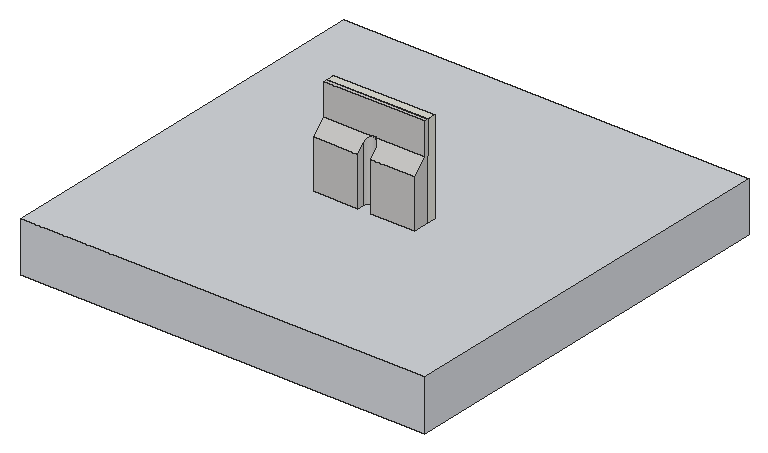
Revit family
Parameters (values of type "9108-WM-MC-FLR-3669-NFD")
  Waste Connection = no
  WFU = 0
  Voltage = 0
  Vent Connection = no
  URL = "http://www.neo-metro.com"
  Type Comments = ""
  Tempered Water Connection = no
  S - Satin Frame Finish = no
  S - Satin Basin Finish = no
  Revised Date = "07/19/11"
  RDC13 (Canary) - Deck Material (Resin) = no
  RDC12 (Blueberry) - Deck Material (Resin) = no
  RDC11 (Tangerine Dream) - Deck Material (Resin) = no
  RDC10 (Blanco Solid Srf.) - Deck Material (Resin) = no
  RDC09 (Green Apple) - Deck Material (Resin) = no
  RDC07 (Wineberry) - Deck Material (Resin) = no
  RDC06 (Cranjuice) - Deck Material (Resin) = no
  RDC05 (Skye) - Deck Material (Resin) = no
  RDC04 (Oceana) - Deck Material (Resin) = no
  RDC03 (Yokan) - Deck Material (Resin) = no
  RDC02 (Stealth Fog) - Deck Material (Resin) = no
  RDC01 (Cloud Nine) - Deck Material (Resin) = no
  RDC00 (Custom) - Deck Material (Resin) = no
  Phone# = "626-336-4561"
  OF - Overflow Waste Outlet = no
  NFD - No Faucet Drilling = yes
  Model = "9108-WM-MC-FLR-3669-NFD"
  Material = Stainless Steel
  Manufacturer = "Neo-Metro"
  MC-FLR - Commercial Floor Mounted Arm/Carrier = yes
  MC - Standard Arm/Wall Mounted Carrier = no
  LGT-220V - Under-counter Lighting = no
  LGT - Under-counter Lighting = no
  HWFU = 0
  HW Connection = no
  HP - High Polish Frame Finish = no
  HP - High Polish Basin Finish = no
  EG-22 - Black Frame Finish = no
  EG-22 - Black Basin Finish = no
  EG-10 - White Frame Finish = no
  EG-10 - White Basin Finish = no
  Designed By = "ATS BIM Team"
  Description = "24\" Ebb Concept Wall Mounted"
  Default Elevation = 34"
  CWFU = 0
  CW Connection = no
  Assembly Code = ""
  Amperage = 0
  3669 - Satin Shallow Ebb Basin = yes
  3668 - Satin Deep Ebb Basin = no
Reference planes (in)
  plane 1 "Center (Front/Back)": y = 0
  plane 2: z = 0
  plane 3 "Center (Left/Right)": x = 0
  plane 4: y = -34
  plane 5: z = 11.5
  plane 6: z = 18
  plane 7: x = 7
  plane 8: x = -7
  plane 9: z = 4
  plane 10: z = 18
  plane 11: z = 4
  plane 12: y = -1
Forms (in)
  Extrusion 1, solid
    sketch origin (0, 0, 0) x (1, 0, 0) y (0, 1, 0)
      loop
        line (-48, 48) -> (-48, -48) -> (48, -48) -> (48, 48) -> (-48, 48)
    from 0 to -12
  Extrusion 2, solid, material "Satin"
    sketch origin (0, 0, 0) x (1, 0, 0) y (0, 0, 1)
      loop
        line (12, 0) -> (12, 21.96875)
        arc (12, 21.96875) -> (11.99085, 21.99085) -> (11.96875, 22) r 0.03125
        line (11.96875, 22) -> (-11.96875, 22)
        arc (-11.96875, 22) -> (-11.99085, 21.99085) -> (-12, 21.96875) r 0.03125
        line (-12, 21.96875) -> (-12, 0) -> (12, 0)
    from 0 to 2
  Extrusion 3, solid, material "Stainless Steel" <- "Material"
    sketch origin (0, 0, 0) x (0, 1, 0) y (0, 0, 1)
      loop
        line (-2, 0) -> (-2, 22) -> (-3, 22) -> (-3, 14.5) -> (-6, 11.5) -> (-6, 0) -> (-2, 0)
    from -12 to 12
  Extrusion 4, void
    sketch origin (0, 0, 0) x (1, 0, 0) y (0, 1, 0)
      loop
        line (1.5, -6) -> (1.5, -4.5)
        arc (1.5, -4.5) -> (0, -3) -> (-1.5, -4.5) r 1.5
        line (-1.5, -4.5) -> (-1.5, -6) -> (1.5, -6)
    from 0 to 14.50196
  Extrusion 5, void
    sketch origin (0, 0, 0) x (0, -1, 0) y (0, 0, 1)
      loop
        line (0, 4) -> (2.5, 4) -> (3, 11.5) -> (3, 12.25) -> (2, 12.25) -> (2, 10.75) -> (1, 18) -> (0, 18) -> (0, 4)
    from -7 to 7
Cuts and joins
  Extrusion 4 cuts Extrusion 3
  Extrusion 5 cuts Extrusion 2
Dimensions and locks (in)
  aligned and locked: plane 2 to Extrusion 1
  aligned and locked: level to Extrusion 1
